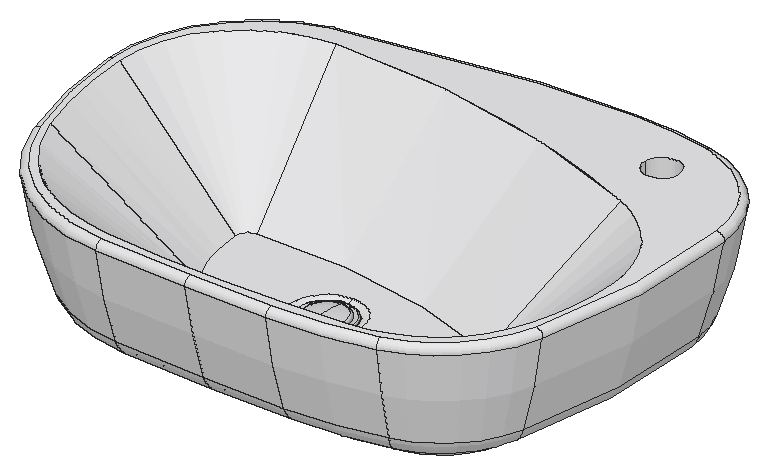
Revit family "Sink-Vessel-Lavatory-KOHLER-Kankara-K-76600IN_1", category Plumbing Fixtures, host Face, Revit 2017
Family settings
  Host = Face
  Round Connector Dimension = Use Diameter
  Part Type = Normal
  OmniClass Number = 23.31.13.00
  OmniClass Title = Sinks
  Cut with Voids When Loaded = No
  Shared = No
  Room Calculation Point = No
Parameters (values of type "0-White")
  Width = 22 93/256"  # constant formula
  WaterSense Certified = 1 = 0  # no
  Waste Water Outlet = "Waste Water Outlet"  # constant formula
  Waste Connection = 1 = 1  # yes
  Vent Connection = 1 = 0  # no
  URL = "https://www.kohler.co.in/"
  Type = 1
  Product Page URL = "https://www.kohler.co.in/product-detail/76600in?skuid=K-76600IN-0"
  Product Name = "Kankara"  # constant formula
  Product Documentation Link = "http://resources.kohler.com/plumbing/kohlerindia/pdf/76600IN.pdf"
  Model = if(Type = 1, "K-76600IN-0", "NA")  # "K-76600IN-0"
  Material = "Vitreous China"  # constant formula
  Master Format 2014 Name = "Residential Lavatories and Sinks"  # constant formula
  Master Format 2014 = "22 41 16"  # constant formula
  Manufacturer Address = "Ambience Office Tower NH-8 Gurgaon / Gurugram Haryana , 122001"  # constant formula
  Manufacturer = "KOHLER Co."  # constant formula
  Length = 17 31/128"  # constant formula
  Hot Water Inlet = "Hot Water Inlet"  # constant formula
  Height = 5 15/128"  # constant formula
  HW Connection = 1 = 0  # no
  Finish = Kohler-Vitreous_China-0-White
  Environmental Product Declaration = ""
  Drain Included = 1 = 0  # no
  Description = "Vessel with single faucet hole"  # constant formula
  Default Elevation = 36"
  Declare Label = ""
  Date Modified = "11/30/2020"  # constant formula
  Date Created = "11/30/2020"  # constant formula
  Copyright = "Copyright KOHLER Co."  # constant formula
  Contact Us = "https://www.kohler.co.in/contact-us"
  Cold Water Inlet = "Cold Water Inlet"  # constant formula
  CW Connection = 1 = 0  # no
  Assembly Code = "D2010400"
  ADA Compliant = 1 = 0  # no
Reference planes (in)
  plane 1 "Center (Front/Back)": y = 0
  plane 2: z = 0
  plane 3 "Center (Left/Right)": x = 0
  plane 4: x = -10.82785
  plane 5: y = -7.12408
  plane 6: x = 11.53543
  plane 7: y = 10.11811
  plane 8: z = 5.11719
  plane 9: y = 1.49606
  plane 10: x = 7.28346
  plane 11: y = 7.75591
Dimensions and locks (in)
  locked: plane 1 "Center (Front/Back)" to plane 7 at 10.11811
  locked: plane 3 "Center (Left/Right)" to plane 6 at 11.53543
  locked: plane 9 to plane 7 at 8.62205
  "Width": plane 4 to plane 6
  "Length": plane 5 to plane 7
  "Height": plane 8 to level
  plane 10 to plane 6 = 4.25197"
  plane 11 to plane 7 = 2.3622"
  aligned and locked: plane 2 to host face
  aligned and locked: level to host face
  aligned and locked: plane 3 "Center (Left/Right)" to nested 1
  aligned and locked: plane 1 "Center (Front/Back)" to nested 1
Automatic sketch dimensions
  host sketch curve to host sketch curve = 96"  (x2)
Nested families (in)
  nested 1: "K-76600IN" at (0, 0, 0), type "K-76600IN"
Connectors (in)
  piping at (-0.00015, 0, 0.23929), diameter 1.25, driven by "Waste Connection", driven by "Waste Water Outlet"
    settings: on nested 1, index 1, connector inside diameter 24", connector length 0", flow factor 0, pipe flow 0 GPM, pressure drop 0.00 psi, fitting loss kfactor 0, connector angle 0.00°, fixture units 0, engagement length 0", angle of deflection 0.00°, flow configuration 0, flow direction 2, fitting loss method 0, system type 16, joint type 0, gender type 0, connector reference index -1, connector utility 1, adjustable connector no, is connector primary yes, connector description "Waste Water Outlet"
Definition of nested family "K-76600IN"
  Parameters (values of type "K-76600IN")
    Material = none
  Reference planes (in)
    plane 1 "Center (Front/Back)": y = 0
    plane 2: z = 0
    plane 3 "Center (Left/Right)": x = 0
    plane 4: y = 10.11811
    plane 5: x = -10.82677
    plane 6: y = -7.12598
    plane 7: x = 11.53543
    plane 8: x = 7.28346
    plane 9: y = 7.75591
    plane 10: z = 5.11811
    plane 11: y = 1.49606
  Forms (in)
    Sweep 1, solid, material <- "Material", detail levels medium+fine
      path origin (0, 0, 0) x (1, 0, 0) y (0, 1, 0)
        loop
          arc (-3.62601, -7.05853) -> (-1.81329, -7.10751) -> (0, -7.12598) r 107.76165
          arc (0, -7.12598) -> (1.61693, -7.11672) -> (3.23354, -7.0832) r 107.76165
          arc (3.23354, -7.0832) -> (5.23718, -6.90117) -> (7.20261, -6.47131) r 16.14113
          arc (7.20261, -6.47131) -> (9.53044, -5.07629) -> (10.84697, -2.7032) r 5.23481
          arc (10.84697, -2.7032) -> (11.51197, 1.47546) -> (11.44791, 5.70621) r 24.4946
          arc (11.44791, 5.70621) -> (10.2452, 8.40324) -> (7.67607, 9.85929) r 4.72441
          arc (7.67607, 9.85929) -> (6.10465, 10.07697) -> (4.51846, 10.10464) r 13.20528
          arc (4.51846, 10.10464) -> (2.64859, 10.00249) -> (0.78168, 9.8558) r 78.58449
          arc (0.78168, 9.8558) -> (-2.92053, 9.35035) -> (-6.5617, 8.51153) r 41.19665
          arc (-6.5617, 8.51153) -> (-9.78244, 6.2545) -> (-10.87164, 2.47549) r 5.90551
          arc (-10.87164, 2.47549) -> (-10.54959, -0.02101) -> (-9.885, -2.44888) r 18.13721
          arc (-9.885, -2.44888) -> (-7.46767, -5.72068) -> (-3.62601, -7.05853) r 6.88976
      profile origin (0, -7.12598, 0) x (0.001774, 0.999998, 0) y (0, 0, 1)
        loop
          line (2.88996, 5.11811) -> (0.27727, 5.11811)
          arc (0.27727, 5.11811) -> (0.06528, 5.0212) -> (-0.00015, 4.79747) r 0.28034
          arc (-0.00015, 4.79747) -> (0.37426, 2.92563) -> (0.94527, 1.10411) r 17.95694
          arc (0.94527, 1.10411) -> (1.24868, 0.63677) -> (1.72159, 0.34212) r 1.28302
          arc (1.72159, 0.34212) -> (1.97616, 0.20612) -> (2.17819, 0) r 0.95081
          line (2.17819, 0) -> (2.88996, 0) -> (2.88996, 5.11811)
    Extrusion 2, solid, material <- "Material", detail levels medium+fine
      sketch origin (0, 0, 0) x (1, 0, 0) y (0, 1, 0)
        loop
          arc (-5.78589, 5.72765) -> (-7.4305, 4.57513) -> (-7.98668, 2.64545) r 3.01555
          arc (-7.98668, 2.64545) -> (-7.71595, 0.54673) -> (-7.15725, -1.49428) r 15.24725
          arc (-7.15725, -1.49428) -> (-5.75388, -3.3937) -> (-3.52364, -4.17038) r 3.9998
          arc (-3.52364, -4.17038) -> (-1.75953, -4.21805) -> (0.00513, -4.23603) r 104.87169
          arc (0.00513, -4.23603) -> (1.57869, -4.22701) -> (3.15195, -4.19439) r 104.87169
          arc (3.15195, -4.19439) -> (4.79685, -4.04495) -> (6.41039, -3.69205) r 13.25116
          arc (6.41039, -3.69205) -> (7.4531, -3.06718) -> (8.04282, -2.00419) r 2.34485
          arc (8.04282, -2.00419) -> (8.62936, 1.68145) -> (8.57286, 5.41305) r 21.60464
          arc (8.57286, 5.41305) -> (8.10586, 6.46028) -> (7.10829, 7.02565) r 1.83445
          arc (7.10829, 7.02565) -> (5.88077, 7.1957) -> (4.64171, 7.21731) r 10.31532
          arc (4.64171, 7.21731) -> (2.84061, 7.11891) -> (1.04236, 6.97762) r 75.69453
          arc (1.04236, 6.97762) -> (-2.40014, 6.50763) -> (-5.78589, 5.72765) r 38.30669
      from 0.22321 to 5.11811
    Blend 3, void
      base sketch origin (0, 0, 0) x (1, 0, 0) y (0, 1, 0)
        loop
          arc (-4.99754, 2.72904) -> (-5.33129, 2.55507) -> (-5.45273, 2.19883) r 0.50625
          arc (-5.45273, 2.19883) -> (-5.19107, 0.66574) -> (-4.58182, -0.76522) r 6.6769
          arc (-4.58182, -0.76522) -> (-3.84139, -1.53865) -> (-2.82452, -1.87391) r 2.2128
          arc (-2.82452, -1.87391) -> (0.86632, -1.97762) -> (4.55106, -1.74169) r 40.13245
          arc (4.55106, -1.74169) -> (5.22172, -1.45743) -> (5.62578, -0.85136) r 1.26965
          arc (5.62578, -0.85136) -> (5.78388, -0.13097) -> (5.82368, 0.60549) r 4.55618
          arc (5.82368, 0.60549) -> (5.68651, 1.0208) -> (5.3431, 1.29167) r 0.75976
          arc (5.3431, 1.29167) -> (0.25863, 2.62795) -> (-4.99754, 2.72904) r 22.16212
      top sketch origin (0, 0, 0) x (1, 0, 0) y (0, 1, 0)
        loop
          arc (-5.71535, 7.65498) -> (-9.13384, 6.04722) -> (-10.40552, 2.48999) r 4.92126
          arc (-10.40552, 2.48999) -> (-10.13264, 0.18933) -> (-9.55276, -2.05371) r 17.18323
          arc (-9.55276, -2.05371) -> (-7.35913, -5.14792) -> (-3.81148, -6.48968) r 6.49606
          arc (-3.81148, -6.48968) -> (1.01351, -6.6078) -> (5.83204, -6.33173) r 59.0854
          arc (5.83204, -6.33173) -> (8.68375, -5.15048) -> (10.39811, -2.58365) r 5.31496
          arc (10.39811, -2.58365) -> (10.76316, -0.8538) -> (10.82589, 0.91303) r 10.26223
          arc (10.82589, 0.91303) -> (9.87753, 3.63048) -> (7.6126, 5.40645) r 5.11811
          arc (7.6126, 5.40645) -> (1.06872, 7.24254) -> (-5.71535, 7.65498) r 31.99511
      from 0.65109 to 5.19685
    Revolve 4, solid, material <- "Material", detail levels medium+fine
      sketch origin (0, 0, 0) x (0, 1, 0) y (0, 0, 1)
        loop
          arc (1.27758, 0) -> (1.33041, 0.02019) -> (1.35632, 0.07047) r 0.07923
          arc (1.35632, 0.07047) -> (1.41248, 0.17945) -> (1.527, 0.22321) r 0.17173
          line (1.527, 0.22321) -> (0, 0.22321) -> (0, 0) -> (1.27758, 0)
        axis (0, 0.22321) -> (0, 0)
      angle from 0 to 360
    Revolve 5, void
      sketch origin (0, 0, 0) x (0, 1, 0) y (0, 0, 1)
        loop
          line (0.7555, 0) -> (0.7555, 0.06502) -> (0, 0.06502) -> (0, 0) -> (0.7555, 0)
        loop
          line (0, 0.65109) -> (0, 0.13577) -> (0.77835, 0.13577) -> (0.77835, 0.22321) -> (1.0949, 0.53976)
          arc (1.0949, 0.53976) -> (1.21822, 0.62216) -> (1.36368, 0.65109) r 0.38011
          line (1.36368, 0.65109) -> (0, 0.65109)
        axis (0, 0.65109) -> (0, 0)
      angle from 0 to 360
    Revolve 6, solid, detail levels medium+fine
      sketch origin (0, 0, 0) x (0, 1, 0) y (0, 0, 1)
        loop
          line (0, 0.83179) -> (0, 0.1747) -> (0.78792, 0.1747) -> (0.80882, 0.42359)
          arc (0.80882, 0.42359) -> (0.8215, 0.45679) -> (0.84991, 0.47814) r 0.06409
          line (0.84991, 0.47814) -> (1.04289, 0.5515)
          arc (1.04289, 0.5515) -> (1.06154, 0.58613) -> (1.02995, 0.60954) r 0.03005
          arc (1.02995, 0.60954) -> (0.89495, 0.57238) -> (0.78388, 0.48712) r 0.36496
          line (0.78388, 0.48712) -> (0.72279, 0.25911) -> (0.18914, 0.25911) -> (0.18914, 0.52447) -> (0.72043, 0.52447)
          arc (0.72043, 0.52447) -> (0.82504, 0.61604) -> (0.74813, 0.73185) r 0.10554
          arc (0.74813, 0.73185) -> (0.37739, 0.80669) -> (0, 0.83179) r 2.85024
        axis (0, 0.83179) -> (0, 0.1747)
      angle from 0 to 360
    Extrusion 7, void
      sketch origin (0, 0, 0) x (1, 0, 0) y (0, 1, 0)
        loop
          circle (7.28346, 7.75591) r 0.68898
      from 3.84652 to 5.46465
    Extrusion 8, solid, material <- "Material", detail levels coarse
      sketch origin (0, 0, 0) x (1, 0, 0) y (0, 1, 0)
        loop
          arc (-3.62601, -7.05853) -> (-1.81329, -7.10751) -> (0, -7.12598) r 107.76165
          arc (0, -7.12598) -> (1.61693, -7.11672) -> (3.23354, -7.0832) r 107.76165
          arc (3.23354, -7.0832) -> (5.23718, -6.90117) -> (7.20261, -6.47131) r 16.14113
          arc (7.20261, -6.47131) -> (9.53044, -5.07629) -> (10.84697, -2.7032) r 5.23481
          arc (10.84697, -2.7032) -> (11.51197, 1.47546) -> (11.44791, 5.70621) r 24.4946
          arc (11.44791, 5.70621) -> (10.2452, 8.40324) -> (7.67607, 9.85929) r 4.72441
          arc (7.67607, 9.85929) -> (6.10465, 10.07697) -> (4.51846, 10.10464) r 13.20528
          arc (4.51846, 10.10464) -> (2.64859, 10.00249) -> (0.78168, 9.8558) r 78.58449
          arc (0.78168, 9.8558) -> (-2.92053, 9.35035) -> (-6.5617, 8.51153) r 41.19665
          arc (-6.5617, 8.51153) -> (-9.78244, 6.2545) -> (-10.87164, 2.47549) r 5.90551
          arc (-10.87164, 2.47549) -> (-10.54959, -0.02101) -> (-9.885, -2.44888) r 18.13721
          arc (-9.885, -2.44888) -> (-7.46767, -5.72068) -> (-3.62601, -7.05853) r 6.88976
      from 0 to 5.11811
    Blend 9, void
      base sketch origin (0, 0, 0) x (1, 0, 0) y (0, 1, 0)
        loop
          arc (-3.56294, -2.87399) -> (0.95315, -2.98477) -> (5.46288, -2.72594) r 55.20285
          arc (5.46288, -2.72594) -> (6.37566, -2.34772) -> (6.9244, -1.52607) r 1.70158
          arc (6.9244, -1.52607) -> (7.15985, -0.41077) -> (7.20048, 0.7284) r 6.61979
          arc (7.20048, 0.7284) -> (6.92295, 1.52392) -> (6.26021, 2.04415) r 1.4993
          arc (6.26021, 2.04415) -> (0.46626, 3.6685) -> (-5.54021, 4.03008) r 28.27611
          arc (-5.54021, 4.03008) -> (-6.44453, 3.60502) -> (-6.78098, 2.66457) r 1.30146
          arc (-6.78098, 2.66457) -> (-6.56535, 0.85547) -> (-6.10626, -0.90765) r 13.39717
          arc (-6.10626, -0.90765) -> (-5.13485, -2.27916) -> (-3.56294, -2.87399) r 2.87719
      top sketch origin (0, 0, 0) x (1, 0, 0) y (0, 1, 0)
        loop
          arc (-5.70346, 7.56963) -> (-9.06787, 5.98685) -> (-10.31977, 2.48583) r 4.84477
          arc (-10.31977, 2.48583) -> (-10.04754, 0.20022) -> (-9.46799, -2.02739) r 16.94047
          arc (-9.46799, -2.02739) -> (-7.29979, -5.08417) -> (-3.79438, -6.40973) r 6.4205
          arc (-3.79438, -6.40973) -> (1.01127, -6.5276) -> (5.81047, -6.25216) r 58.74616
          arc (5.81047, -6.25216) -> (8.62399, -5.08634) -> (10.31541, -2.55373) r 5.24489
          arc (10.31541, -2.55373) -> (10.67692, -0.84124) -> (10.73924, 0.90788) r 10.16309
          arc (10.73924, 0.90788) -> (9.80548, 3.58451) -> (7.57521, 5.33441) r 5.04261
          arc (7.57521, 5.33441) -> (1.05547, 7.16248) -> (-5.70346, 7.56963) r 31.81942
      from 0.65109 to 5.11811
  Cuts and joins
    Blend 3, Extrusion 7 cuts Sweep 1
    Blend 3, Revolve 5, Extrusion 7 cuts Extrusion 2
    Revolve 5 cuts Revolve 4
    joined: Sweep 1, Extrusion 2, Revolve 4
    Extrusion 7, Blend 9 cuts Extrusion 8
  Lines and regions (in)
    Masking region 1
      outline origin (0, 0, 0) x (0, 1, 0) y (0, 0, 1)
        loop
          line (9.84068, 5.11811) -> (-6.8487, 5.11811)
          arc (-6.8487, 5.11811) -> (-7.0607, 5.0212) -> (-7.12613, 4.79747) r 0.28034
          arc (-7.12613, 4.79747) -> (-6.75171, 2.92563) -> (-6.18071, 1.10411) r 17.95694
          arc (-6.18071, 1.10411) -> (-5.8773, 0.63677) -> (-5.40439, 0.34212) r 1.28302
          arc (-5.40439, 0.34212) -> (-5.14982, 0.20612) -> (-4.94778, 0) r 0.95081
          line (-4.94778, 0) -> (8.7207, 0)
          arc (8.7207, 0) -> (8.75762, 0.13205) -> (8.83284, 0.24669) r 0.44681
          arc (8.83284, 0.24669) -> (9.03425, 0.45868) -> (9.24604, 0.66031) r 5.83159
          arc (9.24604, 0.66031) -> (9.51186, 1.01794) -> (9.62102, 1.44998) r 1.1449
          arc (9.62102, 1.44998) -> (9.78932, 3.13564) -> (10.11811, 4.79747) r 17.68891
          arc (10.11811, 4.79747) -> (10.05268, 5.0212) -> (9.84068, 5.11811) r 0.28034
    Masking region 2
      outline origin (0, 0, 0) x (1, 0, 0) y (0, 0, 1)
        loop
          arc (-10.54934, 5.11811) -> (-10.76134, 5.0212) -> (-10.82677, 4.79747) r 0.28034
          arc (-10.82677, 4.79747) -> (-10.35989, 2.97559) -> (-9.51799, 1.29378) r 8.83618
          arc (-9.51799, 1.29378) -> (-9.10364, 0.84397) -> (-8.56094, 0.56203) r 1.7699
          arc (-8.56094, 0.56203) -> (-8.18964, 0.34887) -> (-7.94147, 0) r 1.00033
          line (-7.94147, 0) -> (8.65013, 0)
          arc (8.65013, 0) -> (8.8983, 0.34887) -> (9.2696, 0.56203) r 1.00033
          arc (9.2696, 0.56203) -> (9.8123, 0.84397) -> (10.22665, 1.29378) r 1.7699
          arc (10.22665, 1.29378) -> (11.06855, 2.97559) -> (11.53543, 4.79747) r 8.83618
          arc (11.53543, 4.79747) -> (11.47, 5.0212) -> (11.25801, 5.11811) r 0.28034
          line (11.25801, 5.11811) -> (-10.54934, 5.11811)
    Masking region 3
      outline origin (0, 0, 0) x (1, 0, 0) y (0, 1, 0)
        loop
          arc (-3.62601, -7.05853) -> (-1.81329, -7.10751) -> (0, -7.12598) r 107.76165
          arc (0, -7.12598) -> (1.61693, -7.11672) -> (3.23354, -7.0832) r 107.76165
          arc (3.23354, -7.0832) -> (5.23718, -6.90117) -> (7.20261, -6.47131) r 16.14113
          arc (7.20261, -6.47131) -> (9.53044, -5.07629) -> (10.84697, -2.7032) r 5.23481
          arc (10.84697, -2.7032) -> (11.51197, 1.47546) -> (11.44791, 5.70621) r 24.4946
          arc (11.44791, 5.70621) -> (10.2452, 8.40324) -> (7.67607, 9.85929) r 4.72441
          arc (7.67607, 9.85929) -> (6.10465, 10.07697) -> (4.51846, 10.10464) r 13.20528
          arc (4.51846, 10.10464) -> (2.64859, 10.00249) -> (0.78168, 9.8558) r 78.58449
          arc (0.78168, 9.8558) -> (-2.92053, 9.35035) -> (-6.5617, 8.51153) r 41.19665
          arc (-6.5617, 8.51153) -> (-9.78244, 6.2545) -> (-10.87164, 2.47549) r 5.90551
          arc (-10.87164, 2.47549) -> (-10.54959, -0.02101) -> (-9.885, -2.44888) r 18.13721
          arc (-9.885, -2.44888) -> (-7.46767, -5.72068) -> (-3.62601, -7.05853) r 6.88976
    symbolic lines, detail levels medium+fine
      curve 1: line (0, 10.11811, 4.79747) -> (0, -7.12613, 4.79747)
      curve 2: line (0, 8.83284, 0.24669) -> (0, -5.20842, 0.24669)
      curve 3: line (-10.82677, 0, 4.79747) -> (11.53543, 0, 4.79747)
      curve 4: line (-8.18964, 0, 0.34887) -> (8.8983, 0, 0.34887)
      curve 14: circle (0, 0, 0) r 0.78388 normal (0, 0, -1)
      curve 16: circle (0, 0, 0) r 0.98425 normal (0, 0, 1)
    symbolic lines
      curve 5: circle (7.28346, 7.75591, 0) r 0.68898 normal (0, 0, 1)
      curve 6: arc (-5.70346, 7.56963, 0) -> (1.05547, 7.16248, 0) -> (7.57521, 5.33441, 0) r 31.81942
      curve 7: arc (7.57521, 5.33441, 0) -> (9.80548, 3.58451, 0) -> (10.73924, 0.90788, 0) r 5.04261
      curve 8: arc (10.73924, 0.90788, 0) -> (10.67692, -0.84124, 0) -> (10.31541, -2.55373, 0) r 10.16309
      curve 9: arc (10.31541, -2.55373, 0) -> (8.62399, -5.08634, 0) -> (5.81047, -6.25216, 0) r 5.24489
      curve 10: arc (5.81047, -6.25216, 0) -> (1.01127, -6.5276, 0) -> (-3.79438, -6.40973, 0) r 58.74616
      curve 11: arc (-3.79438, -6.40973, 0) -> (-7.29979, -5.08417, 0) -> (-9.46799, -2.02739, 0) r 6.4205
      curve 12: arc (-9.46799, -2.02739, 0) -> (-10.04754, 0.20022, 0) -> (-10.31977, 2.48583, 0) r 16.94047
      curve 13: arc (-10.31977, 2.48583, 0) -> (-9.06787, 5.98685, 0) -> (-5.70346, 7.56963, 0) r 4.84477
      curve 15: circle (0, 0, 0) r 1.37795 normal (0, 0, 1)
  Dimensions and locks (in)
    locked: plane 1 "Center (Front/Back)" to plane 4 at 10.11811
    locked: plane 6 to plane 4 at 17.24409
    locked: plane 5 to plane 3 "Center (Left/Right)" at 10.82677
    locked: plane 5 to plane 7 at 22.3622
    locked: plane 8 to plane 7 at 4.25197
    locked: plane 9 to plane 4 at 2.3622
    locked: plane 10 to level at 5.11811
    locked: plane 11 to plane 6 at 8.62205
    aligned and locked: plane 2 to level
